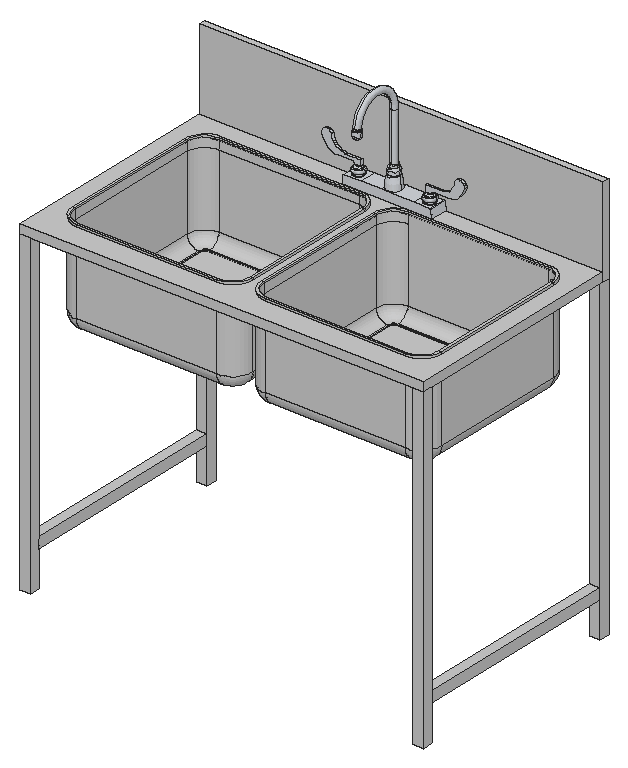
Revit family "Sink_industrial", category Sanitärinstallationen, Revit 2012
Parameters
  Modell = "Lavadero LL06200X"
  Leistenhöhe = 0.23 m
  Baugruppenkennzeichen = "E1090320"
  Counter Height = 0.91 m
  Depth = 0.66 m
  Left Drainboard = 0.05 m
  Right Drainboard = 0.05 m
  Width = 1.15 m
Reference planes (m)
  plane 1 "Center F/B": y = -0.039605
  plane 2: z = 0
  plane 3 "Center L/R": x = 0.005689
  plane 4: y = 0.295395
  plane 5: y = -0.344605
  plane 6 "Top Of Counter": z = 0.91
  plane 7: z = 0.935
  plane 8: z = 0.6306
  plane 9: y = 0.230945
  plane 10: y = -0.310155
  plane 11: x = 0.524739
  plane 12: x = -0.013361
  plane 13: x = 0.024739
  plane 14: x = 0.274739
  plane 15: y = 0.315395
  plane 16: x = -0.569311
  plane 17: x = 0.580689
  plane 18: z = 1.165
  plane 19: x = -0.513361
  plane 20: x = -0.260186
Forms (m)
  Extrusion 1, solid, material "Metal - Stainless Steel, Polished Plain"
    sketch origin (0, 0, 0) x (1, 0, 0) y (0, 1, 0)
      loop
        line (-0.569311, 0.295395) -> (-0.569311, -0.344605) -> (0.580689, -0.344605) -> (0.580689, 0.295395) -> (-0.569311, 0.295395)
      loop
        arc (0.473939, -0.269055) -> (0.50986, -0.254176) -> (0.524739, -0.218255) r 0.0508
        line (0.524739, -0.218255) -> (0.524739, 0.180145)
        arc (0.524739, 0.180145) -> (0.50986, 0.216066) -> (0.473939, 0.230945) r 0.0508
        line (0.473939, 0.230945) -> (0.075539, 0.230945)
        arc (0.075539, 0.230945) -> (0.039618, 0.216066) -> (0.024739, 0.180145) r 0.0508
        line (0.024739, 0.180145) -> (0.024739, -0.218255)
        arc (0.024739, -0.218255) -> (0.039618, -0.254176) -> (0.075539, -0.269055) r 0.0508
        line (0.075539, -0.269055) -> (0.473939, -0.269055)
      loop
        line (-0.513361, 0.180145) -> (-0.513361, -0.218255)
        arc (-0.513361, -0.218255) -> (-0.498482, -0.254176) -> (-0.462561, -0.269055) r 0.0508
        line (-0.462561, -0.269055) -> (-0.064161, -0.269055)
        arc (-0.064161, -0.269055) -> (-0.02824, -0.254176) -> (-0.013361, -0.218255) r 0.0508
        line (-0.013361, -0.218255) -> (-0.013361, 0.180145)
        arc (-0.013361, 0.180145) -> (-0.02824, 0.216066) -> (-0.064161, 0.230945) r 0.0508
        line (-0.064161, 0.230945) -> (-0.462561, 0.230945)
        arc (-0.462561, 0.230945) -> (-0.498482, 0.216066) -> (-0.513361, 0.180145) r 0.0508
    from 0.91 to 0.935
  Extrusion 2, solid, material "Metal - Stainless Steel, Polished Plain"
    sketch origin (-0.689161, 0, 0) x (0, -1, 0) y (0, 0, 1)
      loop
        line (-0.295395, 0.91) -> (-0.295395, 1.165) -> (-0.315395, 1.165) -> (-0.315395, 0.91) -> (-0.295395, 0.91)
    from -0.11985 to -1.26985
  Extrusion 3, solid, material "Metal - Stainless Steel, Polished Plain"
    sketch origin (0, 0, 0) x (1, 0, 0) y (0, 1, 0)
      loop
        line (-0.569311, -0.344605) -> (-0.539311, -0.344605) -> (-0.539311, -0.314605) -> (-0.569311, -0.314605) -> (-0.569311, -0.344605)
      loop
        line (-0.569311, 0.315395) -> (-0.569311, 0.285395) -> (-0.539311, 0.285395) -> (-0.539311, 0.315395) -> (-0.569311, 0.315395)
      loop
        line (0.580689, 0.315395) -> (0.550689, 0.315395) -> (0.550689, 0.285395) -> (0.580689, 0.285395) -> (0.580689, 0.315395)
      loop
        line (0.580689, -0.344605) -> (0.580689, -0.314605) -> (0.550689, -0.314605) -> (0.550689, -0.344605) -> (0.580689, -0.344605)
    from 0 to 0.91
  Extrusion 4, solid, material "Metal - Stainless Steel, Polished Plain"
    sketch origin (0, 0, 0) x (1, 0, 0) y (0, 1, 0)
      loop
        line (-0.569311, 0.285395) -> (-0.569311, -0.314605) -> (-0.539311, -0.314605) -> (-0.539311, 0.285395) -> (-0.569311, 0.285395)
      loop
        line (0.580689, 0.285395) -> (0.550689, 0.285395) -> (0.550689, -0.314605) -> (0.580689, -0.314605) -> (0.580689, 0.285395)
    from 0.103246 to 0.133246
  Sweep 5, solid, material "Metal - Stainless Steel, Polished Plain"
    path origin (-0.02, 0, 0.0764) x (1, 0, 0) y (0, 1, 0)
      loop
        arc (-0.442561, 0.230945) -> (-0.478482, 0.216066) -> (-0.493361, 0.180145) r 0.0508
        line (-0.493361, 0.180145) -> (-0.493361, -0.218255)
        arc (-0.493361, -0.218255) -> (-0.478482, -0.254176) -> (-0.442561, -0.269055) r 0.0508
        line (-0.442561, -0.269055) -> (-0.044161, -0.269055)
        arc (-0.044161, -0.269055) -> (-0.00824, -0.254176) -> (0.006639, -0.218255) r 0.0508
        line (0.006639, -0.218255) -> (0.006639, 0.180145)
        arc (0.006639, 0.180145) -> (-0.00824, 0.216066) -> (-0.044161, 0.230945) r 0.0508
        line (-0.044161, 0.230945) -> (-0.442561, 0.230945)
    profile origin (-0.263361, 0, 0) x (0, 1, 0) y (0, 0, 1)
      loop
        line (0.230945, 0.94) -> (0.230945, 0.6987)
        arc (0.230945, 0.6987) -> (0.221646, 0.676249) -> (0.199195, 0.66695) r 0.03175
        line (0.199195, 0.66695) -> (0.192845, 0.66695) -> (0.192845, 0.6606) -> (0.199195, 0.6606)
        arc (0.199195, 0.6606) -> (0.226136, 0.671759) -> (0.237295, 0.6987) r 0.0381
        line (0.237295, 0.6987) -> (0.237295, 0.94) -> (0.230945, 0.94)
  Extrusion 6, solid, material "Metal - Stainless Steel, Polished Plain"
    sketch origin (0.011378, 0, 0) x (-1, 0, 0) y (0, -1, 0)
      loop
        line (0.075539, -0.195434) -> (0.473939, -0.195434)
        arc (0.473939, -0.195434) -> (0.482919, -0.191714) -> (0.486639, -0.182734) r 0.0127
        line (0.486639, -0.182734) -> (0.486639, 0.218255)
        arc (0.486639, 0.218255) -> (0.482919, 0.227235) -> (0.473939, 0.230955) r 0.0127
        line (0.473939, 0.230955) -> (0.075539, 0.230955)
        arc (0.075539, 0.230955) -> (0.066559, 0.227235) -> (0.062839, 0.218255) r 0.0127
        line (0.062839, 0.218255) -> (0.062839, -0.182734)
        arc (0.062839, -0.182734) -> (0.066559, -0.191714) -> (0.075539, -0.195434) r 0.0127
      loop
        circle (0.274739, 0.039605) r 0.0254
    from 0.6606 to 0.66695
  Sweep 7, solid, material "Metal - Stainless Steel, Polished Plain"
    path origin (0.031378, 0, 0.0764) x (-1, 0, 0) y (0, -1, 0)
      loop
        line (-0.442561, -0.230945) -> (-0.044161, -0.230945)
        arc (-0.044161, -0.230945) -> (-0.00824, -0.216066) -> (0.006639, -0.180145) r 0.0508
        line (0.006639, -0.180145) -> (0.006639, 0.218255)
        arc (0.006639, 0.218255) -> (-0.00824, 0.254176) -> (-0.044161, 0.269055) r 0.0508
        line (-0.044161, 0.269055) -> (-0.442561, 0.269055)
        arc (-0.442561, 0.269055) -> (-0.478482, 0.254176) -> (-0.493361, 0.218255) r 0.0508
        line (-0.493361, 0.218255) -> (-0.493361, -0.180145)
        arc (-0.493361, -0.180145) -> (-0.478482, -0.216066) -> (-0.442561, -0.230945) r 0.0508
    profile origin (0.274739, 0, 0) x (0, -1, 0) y (0, 0, 1)
      loop
        line (-0.230945, 0.94) -> (-0.237295, 0.94) -> (-0.237295, 0.6987)
        arc (-0.237295, 0.6987) -> (-0.226136, 0.671759) -> (-0.199195, 0.6606) r 0.0381
        line (-0.199195, 0.6606) -> (-0.192845, 0.6606) -> (-0.192845, 0.66695) -> (-0.199195, 0.66695)
        arc (-0.199195, 0.66695) -> (-0.221646, 0.676249) -> (-0.230945, 0.6987) r 0.03175
        line (-0.230945, 0.6987) -> (-0.230945, 0.94)
  Extrusion 8, solid, material "Metal - Stainless Steel, Polished Plain"
    sketch origin (0, 0, 0) x (1, 0, 0) y (0, 1, 0)
      loop
        arc (0.075539, 0.195434) -> (0.066559, 0.191714) -> (0.062839, 0.182734) r 0.0127
        line (0.062839, 0.182734) -> (0.062839, -0.218255)
        arc (0.062839, -0.218255) -> (0.066559, -0.227235) -> (0.075539, -0.230955) r 0.0127
        line (0.075539, -0.230955) -> (0.473939, -0.230955)
        arc (0.473939, -0.230955) -> (0.482919, -0.227235) -> (0.486639, -0.218255) r 0.0127
        line (0.486639, -0.218255) -> (0.486639, 0.182734)
        arc (0.486639, 0.182734) -> (0.482919, 0.191714) -> (0.473939, 0.195434) r 0.0127
        line (0.473939, 0.195434) -> (0.075539, 0.195434)
      loop
        circle (0.274739, -0.039605) r 0.0254
    from 0.6606 to 0.66695
Lines and regions (m)
  symbolic lines, style "Plan Rep"
    curve 1: line (0.580689, 0.295395, 0) -> (-0.569311, 0.295395, 0)
    curve 2: arc (0.249339, -0.039605, 0) -> (0.274739, -0.014205, 0) -> (0.300139, -0.039605, 0) r 0.0254
    curve 3: arc (0.300139, -0.039605, 0) -> (0.274739, -0.065005, 0) -> (0.249339, -0.039605, 0) r 0.0254
    curve 4: arc (-0.237961, -0.039605, 0) -> (-0.263361, -0.014205, 0) -> (-0.288761, -0.039605, 0) r 0.0254
    curve 5: arc (-0.288761, -0.039605, 0) -> (-0.263361, -0.065005, 0) -> (-0.237961, -0.039605, 0) r 0.0254
Dimensions and locks (m)
  "Counter Height": plane 6 "Top Of Counter" to plane 2
  locked: plane 7 to plane 6 "Top Of Counter" at 0.025
  locked: plane 6 "Top Of Counter" to plane 8 at 0.2794
  locked: plane 9 to plane 4 at 0.06445
  locked: plane 5 to plane 10 at 0.03445
  plane 12 to plane 3 "Center L/R" to plane 13 = 0.01905 m locked, 0.01905 m locked
  Extrusion 1 sketch curve to plane 16 = 0.00 m
  Extrusion 1 sketch curve to plane 17 = 0.00 m
  "Leistenhöhe": plane 7 to plane 18
  equal spacing: plane 16, plane 3 "Center L/R", plane 17
  "Depth": plane 5 to plane 15
  locked: plane 4 to plane 15 at 0.02
  "Width": plane 16 to plane 17
  equal spacing: plane 19, plane 20, Sweep 5
  equal spacing: Extrusion 1, plane 14, plane 11
  equal spacing: plane 10, plane 1 "Center F/B", plane 9
  plane 19 to Extrusion 4 = 0.02595 m
  plane 11 to Extrusion 4 = 0.02595 m
  locked: plane 16 to Extrusion 3 sketch curve at 0.03  (x2)
  locked: plane 5 to Extrusion 3 sketch curve at 0.03  (x2)
  locked: Extrusion 3 sketch curve to plane 17 at 0.03  (x2)
  locked: plane 15 to Extrusion 3 sketch curve at 0.03  (x2)
  plane 15 to Extrusion 3 sketch curve = 0.03 m
  Extrusion 4 to level = 0.133246 m
  locked: Extrusion 4 to Extrusion 4 at 0.03
  aligned and locked: Extrusion 1 sketch curve to plane 5
  aligned and locked: plane 4 to Extrusion 1 sketch curve
  aligned and locked: plane 11 to Extrusion 1 sketch curve
  aligned and locked: Extrusion 3 to plane 6 "Top Of Counter"
  aligned and locked: Extrusion 2 sketch curve to plane 18
  aligned and locked: Extrusion 1 to Extrusion 2
  aligned and locked: Extrusion 1 to plane 7
  aligned and locked: Extrusion 6 sketch curve to Sweep 5
  aligned and locked: Extrusion 1 sketch curve to Sweep 5  (x3)
  aligned and locked: plane 19 to Extrusion 1
  aligned and locked: Extrusion 1 to curve 1  (x2)
  aligned and locked: Extrusion 2 to Extrusion 1
  aligned and locked: plane 15 to Extrusion 2
  aligned and locked: plane 7 to nested 1
  aligned and locked: plane 4 to nested 1
  aligned and locked: Extrusion 1 sketch curve to Extrusion 1 sketch curve
  aligned and locked: Extrusion 6 to Sweep 5  (x2)
  aligned and locked: Extrusion 8 sketch curve to Sweep 7
  aligned and locked: Sweep 7 to Extrusion 8
  aligned and locked: nested 1 to plane 3 "Center L/R"
  aligned and locked: Extrusion 1 to plane 17
  aligned and locked: plane 16 to Extrusion 1
  aligned and locked: plane 5 to Extrusion 3 sketch curve
  aligned and locked: plane 16 to Extrusion 3 sketch curve
  aligned and locked: plane 17 to Extrusion 3 sketch curve
  aligned and locked: Extrusion 3 sketch curve to plane 5
  aligned and locked: Extrusion 3 sketch curve to plane 17
  aligned and locked: plane 15 to Extrusion 3 sketch curve
  aligned and locked: Extrusion 3 sketch curve to plane 16
  aligned and locked: Extrusion 3 sketch curve to plane 15
  aligned and locked: plane 16 to Extrusion 4
  aligned and locked: Extrusion 3 to Extrusion 4  (x2)
  aligned and locked: Extrusion 4 to plane 17
  aligned and locked: Extrusion 4 to Extrusion 3  (x4)
  aligned and locked: plane 6 "Top Of Counter" to Extrusion 1
  aligned and locked: Extrusion 8 to Sweep 5  (x2)
Automatic sketch dimensions
  plane 4 to curve 1 = 0.00 m
  plane 1 "Center F/B" to curve 5 = 0.00 m
  plane 1 "Center F/B" to curve 3 = 0.00 m
  curve 3 to plane 14 = 0.00 m
  curve 5 to plane 20 = 0.028575 m
  curve 5 to plane 20 = 0.003175 m
  plane 14 to curve 3 = 0.0254 m
  Extrusion 1 sketch curve to plane 12 = 0.00 m
  Extrusion 1 sketch curve to plane 13 = 0.00 m
  plane 9 to Extrusion 1 sketch curve = 0.00 m
  plane 19 to Extrusion 1 sketch curve = 0.0508 m
  plane 12 to Extrusion 1 sketch curve = 0.0508 m  (x2)
  Extrusion 1 sketch curve to plane 13 = 0.0508 m
  Extrusion 1 sketch curve to Extrusion 1 sketch curve = 0.0508 m
  plane 11 to Extrusion 1 sketch curve = 0.0508 m  (x2)
  plane 6 "Top Of Counter" to Extrusion 2 sketch curve = 0.00 m
  Extrusion 2 sketch curve to plane 15 = 0.00 m
  Extrusion 2 sketch curve to plane 4 = 0.00 m
  plane 10 to Extrusion 4 sketch curve = 0.00445 m  (x2)
  Extrusion 4 sketch curve to plane 16 = 0.00 m
  Extrusion 4 sketch curve to Extrusion 4 sketch curve = 0.03 m  (x2)
  Extrusion 4 sketch curve to plane 11 = 0.02595 m
  Extrusion 4 sketch curve to plane 9 = 0.05445 m  (x2)
  Sweep 5 sketch curve to plane 19 = 0.00 m
  plane 9 to Sweep 5 sketch curve = 0.00 m
  Sweep 5 sketch curve to plane 10 = 0.0411 m
  plane 19 to Sweep 5 sketch curve = 0.0508 m  (x2)
  Sweep 5 sketch curve to plane 3 "Center L/R" = 0.06985 m  (x2)
  Sweep 5 sketch curve to plane 3 "Center L/R" = 0.01905 m
  Sweep 5 sketch curve to Sweep 5 sketch curve = 0.00 m  (x2)
  Sweep 5 sketch curve to profile plane = 0.00 m
  profile plane to Sweep 5 sketch curve = 0.03175 m
  Sweep 5 sketch curve to Sweep 5 sketch curve = 0.00635 m  (x2)
  Sweep 5 sketch curve to Sweep 5 sketch curve = 0.2413 m
  Extrusion 6 sketch curve to Extrusion 6 sketch curve = 0.00 m  (x2)
  plane 1 "Center F/B" to Extrusion 6 sketch curve = 0.00 m
  Extrusion 6 sketch curve to Extrusion 6 sketch curve = 0.0127 m  (x3)
  plane 20 to Extrusion 6 sketch curve = 0.028575 m
  plane 20 to Extrusion 6 sketch curve = 0.003175 m
  plane 3 "Center L/R" to Extrusion 6 sketch curve = 0.06985 m  (x2)
  plane 10 to Extrusion 6 sketch curve = 0.0919 m
  Extrusion 6 sketch curve to plane 9 = 0.048212 m
  Sweep 7 sketch curve to plane 11 = 0.00 m
  plane 9 to Sweep 7 sketch curve = 0.00 m
  Sweep 7 sketch curve to plane 10 = 0.0411 m
  plane 11 to Sweep 7 sketch curve = 0.0508 m  (x2)
  plane 3 "Center L/R" to Sweep 7 sketch curve = 0.06985 m  (x2)
  plane 3 "Center L/R" to Sweep 7 sketch curve = 0.01905 m
  Sweep 7 sketch curve to Sweep 7 sketch curve = 0.00 m  (x2)
  Sweep 7 sketch curve to profile plane = 0.00 m
  Sweep 7 sketch curve to Sweep 7 sketch curve = 0.00635 m  (x2)
  Sweep 7 sketch curve to profile plane = 0.03175 m
  Sweep 7 sketch curve to Sweep 7 sketch curve = 0.2413 m
  Extrusion 8 sketch curve to Extrusion 8 sketch curve = 0.00 m  (x2)
  plane 1 "Center F/B" to Extrusion 8 sketch curve = 0.00 m
  Extrusion 8 sketch curve to plane 14 = 0.00 m
  plane 14 to Extrusion 8 sketch curve = 0.0254 m
  plane 3 "Center L/R" to Extrusion 8 sketch curve = 0.06985 m  (x2)
  plane 9 to Extrusion 8 sketch curve = 0.035512 m
  Extrusion 8 sketch curve to Extrusion 8 sketch curve = 0.0127 m  (x3)
  Extrusion 8 sketch curve to plane 10 = 0.0919 m
Nested families (m)
  nested 1: "Faucet_For_Medical_Facilities_9243" at (0.005689, 0.269995, 0.935) x (-1, 0, 0) z (0, 0, 1), type "Faucet_For_Medical_Facilities_9243"
Definition of nested family "Faucet_For_Medical_Facilities_9243"
  Parameters (values of type "Faucet_For_Medical_Facilities_9243")
    Model = "1100-GN2AE3-317CP"
    Manufacturer = "Chicago Faucet"
    HW Connection = yes
    Description = "Deck Mounted 8\" Widespread Faucet"
    CW Connection = yes
  Reference planes (m)
    plane 1 "Center (Front/Back)": y = 0
    plane 2: z = 0
    plane 3 "Center (Left/Right)": x = 0
  Forms (m)
    Extrusion 1, solid
      sketch origin (0.619327, 0.003175, -3.055941) x (1, 0, 0) y (0, 0, 1)
        loop
          arc (-0.756239, 3.121289) -> (-0.773645, 3.125468) -> (-0.787258, 3.137094) r 0.038341
          arc (-0.787258, 3.137094) -> (-0.792268, 3.146516) -> (-0.794487, 3.156955) r 0.038341
          arc (-0.794487, 3.156955) -> (-0.808247, 3.167298) -> (-0.822007, 3.156955) r 0.014325
          arc (-0.822007, 3.156955) -> (-0.822536, 3.153985) -> (-0.822431, 3.15097) r 0.014325
          arc (-0.822431, 3.15097) -> (-0.806432, 3.121788) -> (-0.775244, 3.110176) r 0.047688
          line (-0.775244, 3.110176) -> (-0.733114, 3.110176)
          arc (-0.733114, 3.110176) -> (-0.731206, 3.109073) -> (-0.730452, 3.107001) r 0.003224
          line (-0.730452, 3.107001) -> (-0.730452, 3.106208)
          arc (-0.730452, 3.106208) -> (-0.729755, 3.104524) -> (-0.728071, 3.103827) r 0.002381
          line (-0.728071, 3.103827) -> (-0.713784, 3.103827)
          arc (-0.713784, 3.103827) -> (-0.7121, 3.104524) -> (-0.711402, 3.106208) r 0.002381
          line (-0.711402, 3.106208) -> (-0.711402, 3.120495)
          arc (-0.711402, 3.120495) -> (-0.711635, 3.121056) -> (-0.712196, 3.121289) r 0.000794
          line (-0.712196, 3.121289) -> (-0.756239, 3.121289)
      from 0 to 0.00635
    Extrusion 2, solid
      sketch origin (-0.619326, 0.003175, -3.055941) x (-1, 0, 0) y (0, 0, -1)
        loop
          line (-0.756239, -3.121289) -> (-0.712196, -3.121289)
          arc (-0.712196, -3.121289) -> (-0.711635, -3.121056) -> (-0.711402, -3.120495) r 0.000794
          line (-0.711402, -3.120495) -> (-0.711402, -3.106208)
          arc (-0.711402, -3.106208) -> (-0.7121, -3.104524) -> (-0.713784, -3.103827) r 0.002381
          line (-0.713784, -3.103827) -> (-0.728071, -3.103827)
          arc (-0.728071, -3.103827) -> (-0.729755, -3.104524) -> (-0.730452, -3.106208) r 0.002381
          line (-0.730452, -3.106208) -> (-0.730452, -3.107001)
          arc (-0.730452, -3.107001) -> (-0.731206, -3.109073) -> (-0.733114, -3.110176) r 0.003224
          line (-0.733114, -3.110176) -> (-0.775244, -3.110176)
          arc (-0.775244, -3.110176) -> (-0.806432, -3.121788) -> (-0.822431, -3.15097) r 0.047688
          arc (-0.822431, -3.15097) -> (-0.822536, -3.153985) -> (-0.822007, -3.156955) r 0.014325
          arc (-0.822007, -3.156955) -> (-0.808247, -3.167298) -> (-0.794487, -3.156955) r 0.014325
          arc (-0.794487, -3.156955) -> (-0.792268, -3.146516) -> (-0.787258, -3.137094) r 0.038341
          arc (-0.787258, -3.137094) -> (-0.773645, -3.125468) -> (-0.756239, -3.121289) r 0.038341
      from 0 to 0.00635
    Revolve 3, solid
      sketch origin (0.32208, 0, -3.305361) x (1, 0, 0) y (0, 0, 1)
        loop
          line (-0.428837, 3.353247) -> (-0.428837, 3.35042) -> (-0.431177, 3.35042)
          arc (-0.431177, 3.35042) -> (-0.432777, 3.348631) -> (-0.434566, 3.347031) r 0.021568
          arc (-0.434566, 3.347031) -> (-0.435779, 3.346278) -> (-0.437136, 3.345832) r 0.006021
          arc (-0.437136, 3.345832) -> (-0.438241, 3.345469) -> (-0.439229, 3.344856) r 0.004904
          arc (-0.439229, 3.344856) -> (-0.44106, 3.340683) -> (-0.438666, 3.336805) r 0.004904
          line (-0.438666, 3.336805) -> (-0.437841, 3.336805) -> (-0.437841, 3.332285)
          arc (-0.437841, 3.332285) -> (-0.438288, 3.331207) -> (-0.439365, 3.330761) r 0.001524
          line (-0.439365, 3.330761) -> (-0.423681, 3.330761) -> (-0.423681, 3.353247) -> (-0.428837, 3.353247)
        axis (-0.423681, 3.353247) -> (-0.423681, 3.330761)
      angle from 0 to 360
    Revolve 4, solid
      sketch origin (-0.32208, 0, -3.305361) x (-1, 0, 0) y (0, 0, 1)
        loop
          line (-0.428837, 3.353247) -> (-0.428837, 3.35042) -> (-0.431177, 3.35042)
          arc (-0.431177, 3.35042) -> (-0.432777, 3.348631) -> (-0.434566, 3.347031) r 0.021568
          arc (-0.434566, 3.347031) -> (-0.435779, 3.346278) -> (-0.437136, 3.345832) r 0.006021
          arc (-0.437136, 3.345832) -> (-0.438241, 3.345469) -> (-0.439229, 3.344856) r 0.004904
          arc (-0.439229, 3.344856) -> (-0.44106, 3.340683) -> (-0.438666, 3.336805) r 0.004904
          line (-0.438666, 3.336805) -> (-0.437841, 3.336805) -> (-0.437841, 3.332285)
          arc (-0.437841, 3.332285) -> (-0.438288, 3.331207) -> (-0.439365, 3.330761) r 0.001524
          line (-0.439365, 3.330761) -> (-0.423681, 3.330761) -> (-0.423681, 3.353247) -> (-0.428837, 3.353247)
        axis (-0.423681, 3.353247) -> (-0.423681, 3.330761)
      angle from 0 to 360
    Revolve 5, solid
      sketch origin (0.32208, 0, -3.305361) x (1, 0, 0) y (0, 0, 1)
        loop
          arc (-0.331114, 3.393203) -> (-0.331956, 3.392855) -> (-0.332304, 3.392014) r 0.00119
          line (-0.332304, 3.392014) -> (-0.332304, 3.38527) -> (-0.334556, 3.38527)
          arc (-0.334556, 3.38527) -> (-0.335284, 3.385095) -> (-0.335854, 3.384609) r 0.001604
          arc (-0.335854, 3.384609) -> (-0.337104, 3.381168) -> (-0.337955, 3.377608) r 0.03223
          line (-0.337955, 3.377608) -> (-0.337955, 3.369748)
          arc (-0.337955, 3.369748) -> (-0.337562, 3.369579) -> (-0.337137, 3.369522) r 0.001589
          line (-0.337137, 3.369522) -> (-0.335542, 3.369522) -> (-0.335542, 3.367086)
          arc (-0.335542, 3.367086) -> (-0.335701, 3.366371) -> (-0.336147, 3.365789) r 0.001693
          arc (-0.336147, 3.365789) -> (-0.337315, 3.364889) -> (-0.338216, 3.363721) r 0.005754
          arc (-0.338216, 3.363721) -> (-0.342128, 3.347991) -> (-0.343163, 3.331814) r 0.090216
          line (-0.343163, 3.331814) -> (-0.32208, 3.331814) -> (-0.32208, 3.393203) -> (-0.331114, 3.393203)
        axis (-0.32208, 3.393203) -> (-0.32208, 3.331814)
      angle from 0 to 360
    Extrusion 6, solid
      sketch origin (0.32208, 0.0254, -3.305361) x (1, 0, 0) y (0, 0, 1)
        loop
          line (-0.447048, 3.328586) -> (-0.449081, 3.305361) -> (-0.19508, 3.305361) -> (-0.197093, 3.328369)
          arc (-0.197093, 3.328369) -> (-0.197794, 3.33006) -> (-0.199485, 3.330761) r 0.002392
          line (-0.199485, 3.330761) -> (-0.245881, 3.330761) -> (-0.306205, 3.331814) -> (-0.337955, 3.331814) -> (-0.398281, 3.330761) -> (-0.444874, 3.330761)
          arc (-0.444874, 3.330761) -> (-0.446411, 3.330124) -> (-0.447048, 3.328586) r 0.002174
      from 0 to 0.0508
    Revolve 7, solid
      sketch origin (0.32208, 0.131977, -3.298382) x (1, 0, 0) y (0, 0, 1)
        loop
          arc (-0.330652, 3.531707) -> (-0.33082, 3.530508) -> (-0.331313, 3.529402) r 0.004335
          arc (-0.331313, 3.529402) -> (-0.331685, 3.528853) -> (-0.332095, 3.528333) r 0.009166
          arc (-0.332095, 3.528333) -> (-0.332386, 3.527645) -> (-0.332185, 3.526925) r 0.001134
          line (-0.332185, 3.526925) -> (-0.333037, 3.526664)
          arc (-0.333037, 3.526664) -> (-0.333095, 3.520731) -> (-0.333038, 3.514798) r 0.305218
          arc (-0.333038, 3.514798) -> (-0.332766, 3.51224) -> (-0.33206, 3.509768) r 0.014918
          arc (-0.33206, 3.509768) -> (-0.331957, 3.509282) -> (-0.331535, 3.509019) r 0.000635
          arc (-0.331535, 3.509019) -> (-0.326818, 3.508568) -> (-0.32208, 3.508689) r 0.039261
          line (-0.32208, 3.508689) -> (-0.32208, 3.531707) -> (-0.330652, 3.531707)
        axis (-0.32208, 3.531707) -> (-0.32208, 3.508689)
      angle from 0 to 360
    Sweep 8, solid
      path origin (0, 0.102328, -3.305361) x (0, -1, 0) y (0, 0, 1)
        loop
          line (-0.029582, 3.538686) -> (-0.029454, 3.541186)
          arc (-0.029454, 3.541186) -> (0.039971, 3.603723) -> (0.102328, 3.534136) r 0.065986
          line (0.102328, 3.534136) -> (0.102328, 3.359595)
      profile origin (0, 0, 0.141505) x (-1, 0, 0) y (0, -1, 0)
        loop
          circle (0, 0) r 0.008731
  Cuts and joins
    joined: Revolve 5, Sweep 8
    joined: Extrusion 1, Revolve 3
    joined: Extrusion 2, Revolve 4
  Lines and regions (m)
    symbolic lines
      curve 1: line (-0.127, 0.003175, 0) -> (-0.127, 0.0254, 0)
      curve 2: line (-0.127, 0.0254, 0) -> (-0.008641, 0.0254, 0)
      curve 3: line (0.008591, 0.0254, 0) -> (0.127, 0.0254, 0)
      curve 4: line (0.127, 0.0254, 0) -> (0.127, 0.003175, 0)
      curve 5: line (0.127, -0.003175, 0) -> (0.127, -0.0254, 0)
      curve 6: line (0.127, -0.0254, 0) -> (-0.127, -0.0254, 0)
      curve 7: line (-0.127, -0.0254, 0) -> (-0.127, -0.003175, 0)
      curve 8: arc (-0.085916, 0, 0) -> (-0.100005, 0.015603, 0) -> (-0.11696, 0.003175, 0) r 0.015685
      curve 9: arc (-0.11696, -0.003175, 0) -> (-0.100005, -0.015603, 0) -> (-0.085916, 0, 0) r 0.015685
      curve 10: arc (0.085916, 0, 0) -> (0.100005, 0.015603, 0) -> (0.11696, 0.003175, 0) r 0.015685
      curve 11: arc (0.11696, -0.003175, 0) -> (0.100005, -0.015603, 0) -> (0.085916, 0, 0) r 0.015685
      curve 12: arc (-0.008641, 0.01923, 0) -> (-0.017701, 0.011452, 0) -> (-0.021082, 0, 0) r 0.021083
      curve 13: arc (-0.021082, 0, 0) -> (-0.014907, -0.014908, 0) -> (0, -0.021083, 0) r 0.021083
      curve 14: arc (0.008591, 0.019253, 0) -> (0.02062, -0.004392, 0) -> (0, -0.021083, 0) r 0.021083
      curve 15: line (-0.203245, 0.003175, 0) -> (-0.092075, 0.003175, 0)
      curve 16: line (-0.203245, -0.003175, 0) -> (-0.203245, 0.003175, 0)
      curve 17: line (-0.092075, -0.003175, 0) -> (-0.203245, -0.003175, 0)
      curve 18: line (-0.092075, 0.003175, 0) -> (-0.092075, -0.003175, 0)
      curve 19: line (0.203245, 0.003175, 0) -> (0.092075, 0.003175, 0)
      curve 20: line (0.203245, -0.003175, 0) -> (0.203245, 0.003175, 0)
      curve 21: line (0.092075, -0.003175, 0) -> (0.203245, -0.003175, 0)
      curve 22: line (0.092075, 0.003175, 0) -> (0.092075, -0.003175, 0)
      curve 23: line (-0.008641, -0.000022, 0) -> (-0.008641, 0.138776, 0)
      curve 24: line (0.008591, -0.000022, 0) -> (0.008591, 0.138776, 0)
      curve 25: arc (-0.008641, 0.138776, 0) -> (-0.000025, 0.14294, 0) -> (0.008591, 0.138776, 0) r 0.010996
      curve 26: arc (-0.008641, -0.000022, 0) -> (-0.000025, -0.008638, 0) -> (0.008591, -0.000022, 0) r 0.008616
